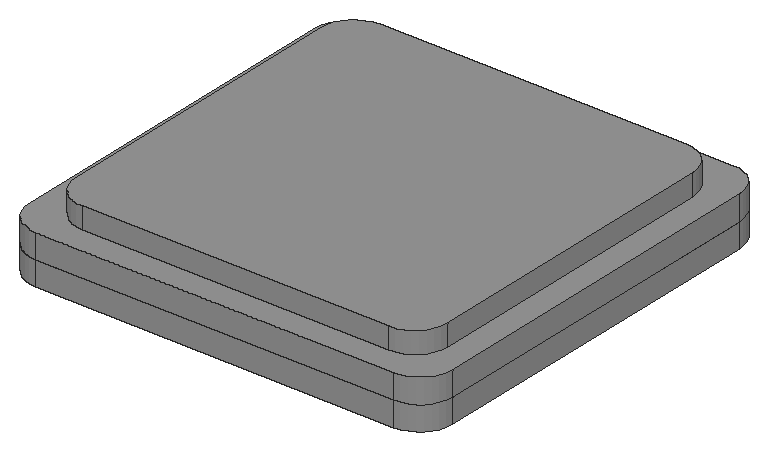
Revit family "FMS2_63_UN_Surface-mounted_ETK", category Lighting Fixtures, Revit 2019 (continued)
Definition of nested family "FMS.2 - Lightsource"
  Types (14, lengths in mm): name | Wattage Comments | Wattage | built-in parameter 1150134 | Photometric Web File | built-in parameter 1150142 | built-in parameter 1150105 | Lumens | built-in parameter 1150107 | built-in parameter 1150106 | Apparent Load
    FMS.1100.10N - Ø270 / 18W / 1120lm / 3000K | "18W" | 7.53996 W | (empty or 0) | "FMS.1100.10N.IES" | "IESNA:LM-63-2002\r\n[TEST] /2015\r\n[TESTLAB] ies2eulumdat.appspot.com\r\n[ISSUEDATE] 2021-10-05T13:43:26.892\r\n[MANUFAC] www.etk.nl\r\n[LUMCAT] FMS.1100.10N\r\n[LUMINAIRE] FMS.1 LED 18W 3000K 1120lm nood ø270 Ledeshi Slice circle III emergency\r\n[LAMPCAT] LED\r\n[LAMP] LED\r\nTILT=NONE\r\n1\t1283\t1\t181\t72\t1\t2\t-0.270\t-0.270\t0\r\n1.0\t1.0\t15.90\r\n0\t 0.5\t 1\t 1.5\t 2\t 2.5\t 3\t 3.5\t 4\t 4.5\r\n5\t 5.5\t 6\t 6.5\t 7\t 7.5\t 8\t 8.5\t 9\t 9.5\r\n10\t 10.5\t 11\t 11.5\t 12\t 12.5\t 13\t 13.5\t 14\t 14.5\r\n15\t 15.5\t 16\t 16.5\t 17\t 17.5\t 18\t 18.5\t 19\t 19.5\r\n20\t 20.5\t 21\t 21.5\t 22\t 22.5\t 23\t 23.5\t 24\t 24.5\r\n25\t 25.5\t 26\t 26.5\t 27\t 27.5\t 28\t 28.5\t 29\t 29.5\r\n30\t 30.5\t 31\t 31.5\t 32\t 32.5\t 33\t 33.5\t 34\t 34.5\r\n35\t 35.5\t 36\t 36.5\t 37\t 37.5\t 38\t 38.5\t 39\t 39.5\r\n40\t 40.5\t 41\t 41.5\t 42\t 42.5\t 43\t 43.5\t 44\t 44.5\r\n45\t 45.5\t 46\t 46.5\t 47\t 47.5\t 48\t 48.5\t 49\t 49.5\r\n50\t 50.5\t 51\t 51.5\t 52\t 52.5\t 53\t 53.5\t 54\t 54.5\r\n55\t 55.5\t 56\t 56.5\t 57\t 57.5\t 58\t 58.5\t 59\t 59.5\r\n60\t 60.5\t 61\t 61.5\t 62\t 62.5\t 63\t 63.5\t 64\t 64.5\r\n65\t 65.5\t 66\t 66.5\t 67\t 67.5\t 68\t 68.5\t 69\t 69.5\r\n70\t 70.5\t 71\t 71.5\t 72\t 72.5\t 73\t 73.5\t 74\t 74.5\r\n75\t 75.5\t 76\t 76.5\t 77\t 77.5\t 78\t 78.5\t 79\t 79.5\r\n80\t 80.5\t 81\t 81.5\t 82\t 82.5\t 83\t 83.5\t 84\t 84.5\r\n85\t 85.5\t 86\t 86.5\t 87\t 87.5\t 88\t 88.5\t 89\t 89.5\r\n90\r\n0\t 5\t 10\t 15\t 20\t 25\t 30\t 35\t 40\t 45\r\n50\t 55\t 60\t 65\t 70\t 75\t 80\t 85\t 90\t 95\r\n100\t 105\t 110\t 115\t 120\t 125\t 130\t 135\t 140\t 145\r\n150\t 155\t 160\t 165\t 170\t 175\t 180\t 185\t 190\t 195\r\n200\t 205\t 210\t 215\t 220\t 225\t 230\t 235\t 240\t 245\r\n250\t 255\t 260\t 265\t 270\t 275\t 280\t 285\t 290\t 295\r\n300\t 305\t 310\t 315\t 320\t 325\t 330\t 335\t 340\t 345\r\n350\t 355\r\n473.6291\t473.5008\t473.3725\t473.2442\t473.1158\t472.8592\t472.6026\t472.2176\t471.8326\t471.3194\r\n470.9344\t470.4211\t470.0362\t469.3946\t468.6246\t467.983\t467.2131\t466.3149\t465.4166\t464.3901\r\n463.4918\t462.5936\t461.567\t460.2838\t458.8723\t457.5891\t456.4342\t455.0227\t453.6112\t452.1997\r\n450.6598\t449.12\t447.5802\t445.912\t444.2438\t442.5757\t440.7792\t438.9827\t437.0579\t435.1331\r\n433.2083\t431.1552\t429.1021\t426.9206\t424.6109\t422.5578\t420.5046\t418.1949\t415.7568\t413.447\r\n411.1373\t408.8275\t406.3894\t403.9514\t401.385\t398.6902\t395.9955\t393.5574\t390.991\t388.2963\r\n385.6016\t382.7786\t379.8272\t377.1325\t374.4378\t371.4864\t368.535\t365.712\t362.889\t359.9376\r\n356.9862\t353.7782\t350.6986\t347.7472\t344.6675\t341.7162\t338.6365\t335.5568\t332.4771\t329.1408\r\n325.9328\t322.8531\t319.7734\t316.4371\t313.2291\t309.8928\t306.6848\t303.3485\t300.1405\t296.8042\r\n293.4678\t290.1315\t286.9235\t283.4589\t280.1226\t276.9146\t273.5782\t270.1136\t266.649\t263.3126\r\n259.9763\t256.3834\t252.7904\t249.5824\t246.2461\t242.6531\t239.0602\t235.5955\t232.1309\t228.6662\r\n225.2016\t221.737\t218.2723\t214.8077\t211.343\t207.8784\t204.2854\t200.6925\t197.2278\t193.6349\r\n190.1702\t186.7056\t183.1126\t179.648\t176.055\t172.5904\t169.1258\t165.4045\t161.8115\t158.2186\r\n154.6256\t151.2893\t147.8246\t144.2317\t140.6387\t137.1741\t133.7094\t130.2448\t126.6647\t123.2257\r\n119.7996\t116.3221\t112.8446\t109.4698\t106.095\t102.7073\t99.3325\t95.9577\t92.5829\t89.3364\r\n86.1027\t82.8691\t79.6482\t76.4402\t73.2451\t70.2039\t67.1627\t64.2242\t61.2985\t58.3856\r\n55.4727\t52.7267\t49.9806\t47.1704\t44.3602\t41.8195\t39.2916\t36.8278\t34.3769\t31.9902\r\n29.6034\t27.4476\t25.2919\t23.3414\t21.3909\t19.71\t18.029\t17.0794\t16.117\t13.4479\r\n10.775\r\n473.6291\t473.5008\t473.3725\t473.1158\t472.8592\t472.6026\t472.3459\t471.8326\t471.3194\t470.9344\r\n470.4211\t469.9078\t469.3946\t468.6246\t467.983\t467.0848\t466.3149\t465.4166\t464.3901\t463.4918\r\n462.4653\t461.4387\t460.4122\t459.129\t457.7174\t456.4342\t455.151\t453.7395\t452.1997\t450.7882\r\n449.2483\t447.7085\t446.0403\t444.3722\t442.704\t440.9075\t439.111\t437.1862\t435.2614\t433.3366\r\n431.4118\t429.3587\t427.3056\t424.9958\t422.8144\t420.7613\t418.5798\t416.2701\t413.832\t411.5222\r\n409.2125\t406.7744\t404.3363\t401.7699\t399.3318\t396.6371\t393.9424\t391.376\t388.8096\t386.2432\r\n383.5485\t380.7254\t377.7741\t374.951\t372.2563\t369.4333\t366.4819\t363.6589\t360.7075\t357.7562\r\n354.8048\t351.7251\t348.6454\t345.5658\t342.6144\t339.5347\t336.5834\t333.5037\t330.424\t327.216\r\n323.8797\t320.8\t317.7203\t314.5123\t311.176\t307.968\t304.76\t301.552\t298.344\t295.0077\r\n291.543\t288.335\t285.127\t281.7907\t278.4544\t275.1181\t271.7818\t268.4454\t265.1091\t261.7728\r\n258.4365\t255.1002\t251.6355\t248.1709\t244.7062\t241.3699\t237.9053\t234.4406\t230.976\t227.5114\r\n224.0467\t220.5821\t217.2458\t213.9094\t210.4448\t206.9802\t203.3872\t199.7942\t196.4579\t192.9933\r\n189.5286\t185.9357\t182.5994\t179.1347\t175.7984\t172.3338\t168.7408\t165.1478\t161.5549\t158.0902\r\n154.6256\t151.0326\t147.3114\t143.5901\t139.8688\t136.2758\t132.8112\t129.3466\t125.7664\t122.212\r\n118.7088\t115.2185\t111.7539\t108.3021\t104.8503\t101.4113\t98.075\t94.79\t91.4793\t88.143\r\n84.8837\t81.727\t78.6217\t75.5292\t72.3468\t69.2415\t66.1618\t63.1719\t60.1949\t57.3462\r\n54.5617\t51.8156\t49.1209\t46.4647\t43.6288\t40.7288\t37.7004\t34.5309\t31.2203\t28.0123\r\n24.9326\t22.0839\t19.402\t16.9126\t14.6413\t12.8448\t11.2896\t10.1014\t9.1543\t1.2783\r\n0\r\n473.6291\t473.5008\t473.2442\t472.9875\t472.7309\t472.3459\t471.961\t471.4477\t470.9344\t470.4211\r\n469.9078\t469.3946\t468.753\t468.1114\t467.2131\t466.4432\t465.6733\t464.6467\t463.6202\t462.5936\r\n461.567\t460.5405\t459.5139\t458.2307\t456.8192\t455.4077\t454.1245\t452.713\t451.1731\t449.7616\r\n448.2218\t446.5536\t445.0138\t443.2173\t441.5491\t439.7526\t437.9562\t436.0314\t434.1066\t432.1818\r\n430.257\t428.2038\t426.1507\t423.9693\t421.7878\t419.6064\t417.425\t415.2435\t412.8054\t410.4957\r\n408.0576\t405.7478\t403.3098\t400.8717\t398.3053\t395.8672\t393.1725\t390.6061\t387.9114\t385.345\r\n382.6502\t380.0838\t377.1325\t374.3094\t371.4864\t368.7917\t365.9686\t363.2739\t360.3226\t357.3712\r\n354.4198\t351.4685\t348.3888\t345.4374\t342.4861\t339.4064\t336.455\t333.5037\t330.424\t327.3443\r\n324.2646\t321.0566\t317.977\t314.8973\t311.8176\t308.6096\t305.4016\t302.3219\t299.1139\t295.9059\r\n292.6979\t289.3616\t285.7686\t282.4323\t279.096\t275.6314\t272.1667\t268.7021\t265.1091\t261.6445\r\n258.1798\t254.7152\t251.3789\t247.7859\t244.3213\t240.7283\t237.1354\t233.6707\t230.2061\t226.6131\r\n223.0202\t219.5555\t215.9626\t212.3696\t208.905\t205.4403\t201.9757\t198.511\t194.9181\t191.3251\r\n187.7322\t184.2675\t180.8029\t177.2099\t173.7453\t170.2806\t166.816\t163.4797\t160.015\t156.4221\r\n152.7008\t149.2362\t145.6432\t142.0502\t138.5856\t134.9926\t131.528\t127.9864\t124.5217\t121.0956\r\n117.6951\t114.3203\t110.9198\t107.545\t104.2728\t101.0392\t97.8825\t94.6232\t91.0559\t87.3988\r\n83.8828\t80.7518\t77.6336\t74.5283\t71.4357\t68.4074\t65.4689\t62.5175\t59.5661\t56.6918\r\n53.8687\t51.1227\t48.4665\t45.8872\t43.0899\t40.1128\t37.1486\t34.1973\t31.2588\t28.4999\r\n25.9976\t23.5852\t21.2498\t19.0812\t17.2334\t15.4754\t13.7687\t9.2339\t1.903\t0\r\n0\r\n473.6291\t473.3725\t473.1158\t472.7309\t472.4742\t472.0893\t471.7043\t471.191\t470.5494\t470.0362\r\n469.5229\t468.8813\t468.2397\t467.4698\t466.6998\t465.8016\t465.0317\t464.0051\t462.9786\t461.952\r\n460.9254\t459.7706\t458.744\t457.5891\t456.0493\t454.6378\t453.3546\t451.943\t450.5315\t448.9917\r\n447.4518\t445.912\t444.2438\t442.5757\t440.7792\t439.111\t437.1862\t435.3898\t433.465\t431.6685\r\n429.7437\t427.6906\t425.7658\t423.5843\t421.4029\t419.2214\t417.04\t414.8586\t412.6771\t410.3674\r\n408.0576\t405.6195\t403.3098\t400.8717\t398.4336\t395.8672\t393.4291\t390.8627\t388.4246\t385.7299\r\n383.0352\t380.4688\t377.9024\t375.2077\t372.3846\t369.6899\t366.8669\t364.0438\t361.4774\t358.5261\r\n355.3181\t352.1101\t348.9021\t345.8224\t342.6144\t339.4064\t336.1984\t332.8621\t329.6541\t326.5744\r\n323.2381\t320.0301\t316.6938\t313.3574\t310.0211\t306.8131\t303.4768\t300.1405\t296.8042\t293.4678\r\n290.2598\t286.9235\t283.5872\t279.9942\t276.5296\t273.1933\t269.9853\t266.649\t263.3126\t259.9763\r\n256.5117\t253.047\t249.7107\t246.3744\t242.9098\t239.5734\t236.2371\t232.9008\t229.4362\t226.0998\r\n222.5069\t218.9139\t215.321\t211.728\t208.135\t204.5421\t201.0774\t197.4845\t193.8915\t190.4269\r\n186.9622\t183.4976\t180.033\t176.44\t172.847\t169.2541\t165.7894\t162.5814\t159.1168\t155.7805\r\n152.4442\t149.1078\t145.5149\t141.7936\t137.944\t134.351\t130.8864\t127.3833\t123.8288\t120.3\r\n116.7712\t113.2809\t109.8676\t106.4799\t103.1308\t99.7945\t96.471\t93.0705\t89.747\t86.4748\r\n83.2284\t80.0717\t76.9663\t73.9123\t70.884\t67.9069\t64.9299\t61.9786\t59.0785\t56.217\r\n53.4068\t50.6607\t47.9404\t45.2585\t42.7562\t40.2925\t37.8672\t35.4676\t33.0937\t30.7326\r\n28.4485\t26.2158\t24.0215\t21.8657\t19.7228\t16.5404\t9.6599\t2.7884\t0\t0\r\n0\r\n473.6291\t473.3725\t472.9875\t472.6026\t472.3459\t471.8326\t471.4477\t470.9344\t470.2928\t469.6512\r\n469.0096\t468.4963\t467.7264\t467.0848\t466.1866\t465.4166\t464.5184\t463.4918\t462.4653\t461.4387\r\n460.2838\t459.2573\t458.1024\t456.9475\t455.6643\t454.2528\t452.8413\t451.4298\t450.0182\t448.6067\r\n447.0669\t445.527\t443.9872\t442.319\t440.6509\t438.8544\t437.0579\t435.2614\t433.465\t431.5402\r\n429.6154\t427.8189\t425.8941\t423.841\t421.6595\t419.6064\t417.425\t415.5002\t413.1904\t411.009\r\n408.6992\t406.5178\t404.208\t401.8982\t399.4602\t396.8938\t394.0707\t391.2477\t388.553\t385.7299\r\n382.9069\t379.8272\t376.8758\t374.0528\t371.1014\t368.1501\t365.0704\t361.9907\t359.0394\t355.9597\r\n353.0083\t350.057\t346.849\t343.7693\t340.5613\t337.4816\t334.4019\t331.1939\t328.1142\t324.9062\r\n321.6982\t318.6186\t315.4106\t312.2026\t309.1229\t305.7866\t302.4502\t299.2422\t296.0342\t292.8262\r\n289.7466\t286.6669\t283.3306\t279.9942\t276.7862\t273.3216\t269.7286\t266.1357\t262.5427\t259.0781\r\n255.7418\t252.2771\t248.9408\t245.3478\t241.8832\t238.4186\t234.9539\t231.4893\t228.0246\t224.56\r\n221.0954\t217.759\t214.4227\t210.9581\t207.6218\t204.1571\t200.8208\t197.4845\t194.1482\t190.8118\r\n186.9622\t183.241\t179.5197\t175.7984\t172.2054\t168.6125\t165.1478\t161.5549\t157.9619\t154.369\r\n150.6477\t147.0547\t143.5901\t140.1254\t136.6608\t133.3245\t129.8598\t126.4209\t122.9049\t119.4018\r\n115.95\t112.5238\t109.1105\t105.7228\t102.3865\t99.0887\t95.8294\t92.6342\t89.4519\t86.154\r\n82.8819\t79.6482\t76.4787\t73.3605\t70.3065\t67.3038\t64.3396\t61.414\t58.5652\t55.8192\r\n53.1116\t50.4298\t47.7864\t45.1686\t42.5894\t40.023\t37.5464\t35.3137\t33.1194\t30.9508\r\n28.795\t26.6521\t24.522\t22.4175\t16.4635\t10.0731\t3.67\t0\t0\t0\r\n0\r\n473.6291\t473.2442\t472.8592\t472.4742\t472.0893\t471.7043\t471.191\t470.6778\t470.0362\t469.3946\r\n468.753\t468.1114\t467.3414\t466.6998\t465.8016\t464.9034\t464.0051\t463.1069\t462.0803\t461.0538\r\n459.8989\t458.8723\t457.7174\t456.5626\t455.4077\t454.1245\t452.713\t451.3014\t449.8899\t448.4784\r\n446.9386\t445.3987\t443.9872\t442.4474\t440.7792\t439.111\t437.3146\t435.6464\t433.8499\t431.9251\r\n430.1286\t428.3322\t426.4074\t424.6109\t422.8144\t420.7613\t418.1949\t415.6285\t413.1904\t410.7523\r\n408.1859\t405.4912\t402.9248\t400.2301\t397.5354\t394.8406\t392.1459\t389.3229\t386.6282\t383.8051\r\n380.9821\t378.159\t375.336\t372.513\t369.5616\t366.7386\t363.7872\t360.8358\t357.8845\t354.9331\r\n351.9818\t349.0304\t346.2074\t343.1277\t340.1763\t337.225\t334.1453\t331.0656\t328.1142\t325.0346\r\n321.9549\t319.0035\t315.6672\t312.3309\t308.8662\t305.5299\t302.0653\t298.729\t295.3926\t291.928\r\n288.4634\t285.127\t281.6624\t278.3261\t274.9898\t271.7818\t268.3171\t264.9808\t261.6445\t258.1798\r\n254.8435\t251.5072\t248.2992\t245.0912\t241.7549\t238.5469\t235.2106\t231.8742\t228.4096\t224.6883\r\n221.0954\t217.3741\t213.7811\t210.1882\t206.4669\t202.8739\t199.281\t195.688\t192.2234\t188.6304\r\n185.1658\t181.5728\t178.1082\t174.6435\t171.0506\t167.5859\t164.1213\t160.6566\t156.9354\t153.4707\r\n149.8778\t146.4131\t142.8202\t139.3555\t135.8909\t132.4262\t129.0899\t125.6381\t122.289\t118.9526\r\n115.5907\t112.2415\t108.7255\t105.3122\t101.9374\t98.5883\t95.2648\t91.9669\t88.6948\t85.4355\r\n82.2146\t79.0323\t75.8884\t72.8344\t69.8702\t66.9189\t63.9804\t61.0803\t58.2188\t55.3829\r\n52.6112\t49.8652\t47.1319\t44.5912\t42.2301\t39.869\t37.5336\t35.1982\t32.8756\t30.5787\r\n28.2946\t26.0105\t21.8914\t16.0913\t10.2759\t4.4566\t0\t0\t0\t0\r\n0\r\n473.6291\t473.2442\t472.8592\t472.3459\t471.961\t471.4477\t470.9344\t470.4211\t469.7795\t469.1379\r\n468.368\t467.7264\t466.9565\t466.3149\t465.545\t464.6467\t463.7485\t462.8502\t461.8237\t460.7971\r\n459.6422\t458.6157\t457.4608\t456.4342\t455.151\t453.9962\t452.713\t451.4298\t450.0182\t448.6067\r\n447.1952\t445.6554\t444.2438\t442.704\t441.1642\t439.7526\t438.0845\t436.4163\t434.6198\t432.8234\r\n430.5136\t428.2038\t425.8941\t423.5843\t421.2746\t418.9648\t416.655\t414.217\t411.6506\t409.0842\r\n406.5178\t404.0797\t401.5133\t398.8186\t396.2522\t393.6858\t390.991\t388.2963\t385.6016\t382.9069\r\n380.2122\t377.5174\t374.6944\t371.8714\t369.0483\t366.3536\t363.6589\t360.8358\t358.1411\t355.1898\r\n352.2384\t349.287\t346.464\t343.256\t340.048\t336.9683\t333.7603\t330.424\t327.0877\t323.8797\r\n320.6717\t317.3354\t313.999\t310.6627\t307.4547\t304.1184\t300.9104\t297.7024\t294.3661\t291.1581\r\n287.8218\t284.6138\t281.4058\t278.1978\t274.9898\t271.7818\t268.4454\t265.2374\t262.0294\t258.5648\r\n254.9718\t251.3789\t247.7859\t244.193\t240.6\t237.007\t233.4141\t229.8211\t226.3565\t222.8918\r\n219.4272\t215.9626\t212.3696\t208.905\t205.4403\t201.9757\t198.511\t195.0464\t191.7101\t188.1171\r\n184.3958\t180.8029\t177.2099\t173.617\t170.024\t166.5594\t163.0947\t159.5018\t156.1654\t152.7008\r\n149.2362\t145.8998\t142.4352\t138.9706\t135.6342\t132.1696\t128.5766\t125.1248\t121.6345\t118.1571\r\n114.6924\t111.2534\t107.8401\t104.4525\t101.0777\t97.7413\t94.4435\t91.1585\t87.912\t84.7939\r\n81.6885\t78.6088\t75.5548\t72.5136\t69.4981\t66.5083\t63.5441\t60.5927\t57.6413\t54.7156\r\n52.0338\t49.5059\t46.9908\t44.5014\t42.0505\t39.6124\t37.1871\t34.7619\t32.3495\t29.9499\r\n27.3193\t21.8529\t16.3865\t10.9072\t5.4292\t0\t0\t0\t0\t0\r\n0\r\n473.6291\t473.2442\t472.7309\t472.2176\t471.8326\t471.3194\t470.8061\t470.1645\t469.5229\t468.8813\r\n468.1114\t467.4698\t466.6998\t465.9299\t465.2883\t464.3901\t463.4918\t462.5936\t461.567\t460.6688\r\n459.6422\t458.4874\t457.4608\t456.3059\t455.151\t454.1245\t452.8413\t451.6864\t450.2749\t448.9917\r\n447.7085\t446.297\t444.7571\t443.3456\t441.9341\t440.0093\t437.9562\t435.7747\t433.5933\t431.4118\r\n429.1021\t426.9206\t424.6109\t422.3011\t419.863\t417.5533\t415.2435\t412.9338\t410.624\t408.3142\r\n405.8762\t403.3098\t400.8717\t398.3053\t395.7389\t393.1725\t390.6061\t388.168\t385.4733\t382.9069\r\n380.2122\t377.6458\t374.951\t372.3846\t369.6899\t366.9952\t363.7872\t360.5792\t357.3712\t354.2915\r\n351.2118\t348.1322\t345.0525\t341.9728\t338.6365\t335.4285\t332.3488\t329.1408\t325.9328\t322.8531\r\n319.7734\t316.5654\t313.4858\t310.2778\t307.1981\t303.9901\t300.9104\t297.7024\t294.4944\t291.2864\r\n288.2067\t284.8704\t281.4058\t277.8128\t274.3482\t270.7552\t267.2906\t263.6976\t260.233\t256.7683\r\n253.3037\t249.839\t246.3744\t242.9098\t239.4451\t235.9805\t232.5158\t229.0512\t225.7149\t222.3786\r\n218.9139\t215.5776\t211.9846\t208.3917\t204.7987\t201.2058\t197.6128\t194.0198\t190.5552\t186.9622\r\n183.4976\t180.033\t176.5683\t173.1037\t169.639\t166.1744\t162.7098\t159.3734\t155.9088\t152.4442\r\n148.9795\t145.3866\t141.7936\t138.2006\t134.6077\t131.143\t127.6142\t124.1368\t120.685\t117.2588\r\n113.8455\t110.4322\t107.0445\t103.6697\t100.3719\t97.1382\t93.9302\t90.7351\t87.5527\t84.3961\r\n81.2522\t78.1212\t75.0159\t71.9234\t68.8308\t65.7768\t62.7356\t59.9383\t57.3205\t54.7028\r\n52.1108\t49.5187\t46.9395\t44.3731\t41.8067\t39.2531\t36.7124\t34.1716\t31.6437\t27.6273\r\n22.3662\t17.1179\t11.8593\t6.6008\t1.3397\t0\t0\t0\t0\t0\r\n0\r\n473.6291\t473.1158\t472.7309\t472.2176\t471.7043\t471.0627\t470.5494\t470.0362\t469.3946\t468.6246\r\n467.983\t467.2131\t466.4432\t465.8016\t465.0317\t464.2618\t463.3635\t462.4653\t461.567\t460.5405\r\n459.6422\t458.6157\t457.4608\t456.4342\t455.2794\t454.2528\t453.0979\t451.943\t450.7882\t449.505\r\n448.3501\t446.8102\t444.8854\t442.704\t440.6509\t438.5978\t436.5446\t434.4915\t432.4384\t430.257\r\n428.2038\t425.8941\t423.7126\t421.5312\t419.2214\t417.04\t414.6019\t412.2922\t409.8541\t407.5443\r\n405.3629\t403.0531\t400.7434\t398.3053\t395.9955\t393.5574\t391.1194\t388.553\t385.8582\t383.4202\r\n380.4688\t377.5174\t374.5661\t371.4864\t368.535\t365.4554\t362.3757\t359.4243\t356.3446\t353.3933\r\n350.3136\t347.2339\t344.1542\t341.0746\t337.9949\t334.9152\t331.8355\t328.8842\t325.9328\t322.8531\r\n319.9018\t316.8221\t313.8707\t310.791\t307.583\t304.1184\t300.6538\t297.1891\t293.5962\t290.2598\r\n286.7952\t283.3306\t279.8659\t276.4013\t273.065\t269.472\t266.1357\t262.671\t259.2064\t255.8701\r\n252.5338\t249.0691\t245.7328\t242.3965\t239.0602\t235.7238\t232.1309\t228.5379\t225.0733\t221.4803\r\n217.8874\t214.4227\t210.9581\t207.3651\t203.9005\t200.4358\t196.8429\t193.3782\t189.9136\t186.5773\r\n183.1126\t179.7763\t176.44\t172.9754\t169.5107\t165.9178\t162.3248\t158.7318\t155.0106\t151.4176\r\n147.953\t144.36\t140.8954\t137.4307\t133.8378\t130.3731\t126.9598\t123.508\t120.0819\t116.6685\r\n113.3066\t109.9702\t106.6468\t103.3489\t100.0639\t96.7918\t93.5453\t90.3116\t87.0908\t83.8956\r\n80.7004\t77.5309\t74.3614\t71.2048\t68.1892\t65.456\t62.7356\t60.0153\t57.3205\t54.6258\r\n51.9439\t49.2749\t46.6187\t43.9624\t41.319\t38.6756\t36.0451\t33.4274\t28.4742\t23.3671\r\n18.2471\t13.1271\t8.0033\t2.8821\t0\t0\t0\t0\t0\t0\r\n0\r\n473.6291\t473.1158\t472.6026\t472.0893\t471.576\t470.9344\t470.4211\t469.7795\t469.1379\t468.4963\r\n467.8547\t467.0848\t466.3149\t465.545\t464.775\t464.0051\t46
